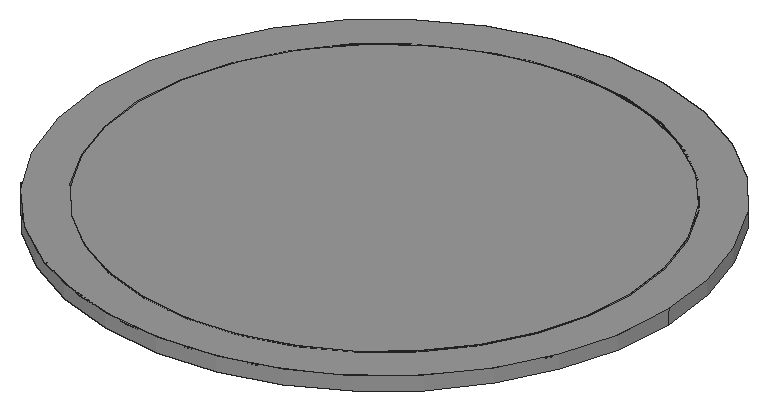
Revit family "LAMP_DOMO ACC OPAL INT", category Modelos genéricos, Revit 2015
Parameters (values of type "WHITE")
  Weight = 0.032 kg
  Protection rating = "IP54"
  Product datasheet = "http://www.lamp.es/product-files/TECH/8606130-EN.pdf"
  Product code = "8606130"
  Modelo = Product code  # "8606130"
  Material interior = LAMP_PC Cristal opal aro Kombic
  Material exterior = LAMP_PC Kombic Aro BL
  Manufacturer name = "LAMP"
  Manufacturer country = "Spain"
  Manufacturer URL = "http://www.lamp.es/en"
  Last update = "23/07/2018"
  Installation instructions = "http://www.lamp.es/product-files/INS/1002870-B-INSTR.%20ACCESORIOS%20DOMO.pdf"
  Fabricante = Manufacturer name  # "LAMP"
  Default Elevation = 1219.2 mm
  Diameter = 126 mm
  Descripción = "DOMO 220 G2 ACC. INT OPAL DIFFUSER"
  Accessory Type = "Optic"
Reference planes
  plane 1 "Centro (Frontal/Posterior)": y = 0
  plane 2: z = 0
  plane 3 "Centro (Izquierda/Derecha)": x = 0
Forms (mm)
  Extrusion 1, solid, material "LAMP_PC Kombic Aro BL" <- "Material exterior"
    sketch origin (0, 0, 0) x (1, 0, 0) y (0, 1, 0)
      loop
        circle (0, 0) r 63
      loop
        circle (0, 0) r 54.5
    from 0 to 3
  Extrusion 2, solid, material "LAMP_PC Cristal opal aro Kombic" <- "Material interior"
    sketch origin (0, 0, 0) x (1, 0, 0) y (0, 1, 0)
      loop
        circle (0, 0) r 54.5
    from 1 to 3
Text (mm)
  text "Any modification of the parameters and properties of the LAMP BIM models must be executed and validated by the LAMP technical department.\n\nPhone: +34 93 736 68 00\n\nE-mail: lamp@lamp.es\n\n\n\nLAMP reserves the right to modify the technical specifications of its products." at (150.017, -59.647, 141.176), in view "Vista 1"
Dimensions and locks
  aligned and locked: level to plane 2
